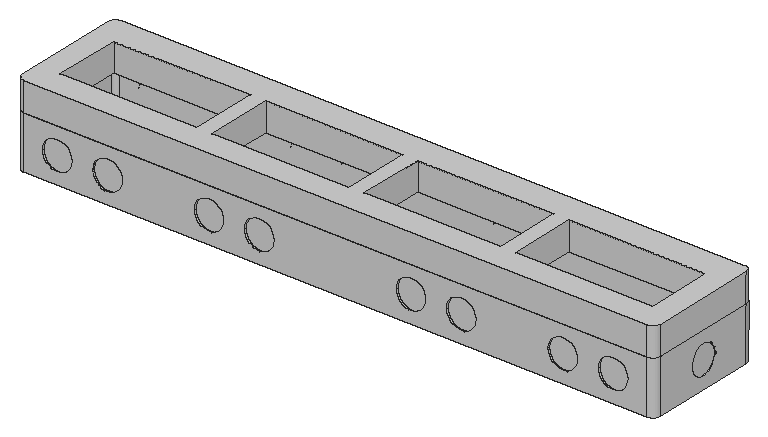
Revit family "Domotics-SerieCivili-GEWISS-27COMBI_SYSTEM-IP40_4P+4P+4P+4P_ORIZ", category Apparecchi elettrici, host Superficie, Revit 2016
Family settings
  Host = Superficie
  Mantenere orientamento annotazione = No
  Tipo di parte = Normale
  Quota connettore circolare = Usa diametro
  Numero OmniClass = 23.80.30.14.24
  Titolo OmniClass = Junction Boxes
  Taglio con vuoti quando caricato = Sì
  Condiviso = No
  Punto di calcolo locali = No
Parameters (values of type "GW27008 - 4x4 posti orizzontali")
  Viti coperchio = "Acciaio resistente alla corrosione"
  Versione file RFA = "19.4"
  URL = "https://www.gewiss.com/it/it"
  Tipo sfondabili = "Asportabili con utensile"
  Termopressione con biglia = "70 °C"
  Temperatura di installazione = "-25 +60 °C"
  Scheda Tecnica = "https://www.gewiss.com/it/it/search?q=GW27008"
  SEO = "Contenitore"
  SCATOLA = GEWISS GRIGIO
  Resistenza agli urti = "IK07"
  Produttore = "GEWISS S.p.A."
  Predisposizione scomparti = "2"
  Offset contenitore [instance] = 0 mm
  Offset bidimensionale [instance] = Offset contenitore + 55 mm  # 55 mm
  Norma di riferimento: = "EN 60670-1"
  N. fori Ã˜ 23 sfondabili: = "Laterali 18 / Sul fondo 4"
  N. fori Ã˜ 23 sfondabili = "18"
  Modello = "GW27008"
  Larghezza scatola = 429 mm
  IFC.TypeObject = ""
  IFC.ExportType = ""
  IFC.ExportAs = ""
  IDT = "c435a9cb-b203-4528-9b1e-390a89cf94f5"
  IDF = "0c45c5e7-1e15-4c8d-8521-8a21acca27ae"
  Grado di protezione = "IP40"
  Glow Wire Test = "650°C"
  Distanza simbolo [instance] = 231.658 mm
  Default Elevation = 1219.2 mm
  Immagine tipo = GW27008.jpg
  Dimensioni BxHxP (mm) = "429x82x55"
  Dim. esterne BxHxP (mm) = "429x82x55"
  Descrizione: = "16 posti"
  Descrizione = "CONTENITORE 16(4X4) POSTI ORIZZ.PROT."
  Creato da GEWISS S.p.A. = ""
  Coppia serraggio viti = "0,8NM"
  Configurazione = "Modulo 4 x 4"
  Colore = "Grigio RAL 7035"
  Codice Electrocod = "0212"
  Codice EAN = "8011564055315"
  Classe isolamento = "II"
  Catalogo Serie = "27COMBI"
  Catalogo = "DOMOTICS"
  Caratteristiche = "Halogen free"
  COBie.Tagnumber = ""
  COBie.CreatedOn = ""
  COBie.CreatebBy = ""
  COBie.ComponentRegisterItemID = ""
  COBie.Component.TagNumber = ""
  COBie.Component.Space = ""
  COBie.Component.SerialNumber = ""
  COBie.Component.InstallationDate = ""
  COBie.Component.Description = ""
  COBie.Component.BarCode = ""
  Bidimensionale = bidimensionale system contenitori IP40 4X4P H : 4P
  Altezza simbolo [instance] = 102.729 mm
Reference planes
  plane 1 "Centro (Fronte/Retro)": y = 0
  plane 2: z = 0
  plane 3 "Centro (Sinistra/Destra)": x = 0
  plane 4: z = 0
  plane 5 "piano bidimensionale": z = 55
  plane 6: y = 41
  plane 7: y = -41
  plane 8: x = -214.5
  plane 9: x = 214.5
Forms (mm)
  Extrusion 1, solid, material "GEWISS GRIGIO" <- "SCATOLA", detail levels coarse
    sketch origin (0, 0, 55) x (0, -1, 0) y (1, 0, 0)
      loop
        arc (-41, -209.5) -> (-39.536, -213.036) -> (-36, -214.5) r 5
        line (-36, -214.5) -> (36, -214.5)
        arc (36, -214.5) -> (39.536, -213.036) -> (41, -209.5) r 5
        line (41, -209.5) -> (41, 209.5)
        arc (41, 209.5) -> (39.536, 213.036) -> (36, 214.5) r 5
        line (36, 214.5) -> (-36, 214.5)
        arc (-36, 214.5) -> (-39.536, 213.036) -> (-41, 209.5) r 5
        line (-41, 209.5) -> (-41, -209.5)
    from -55 to 0
Lines and regions (mm)
  Masking region 1
    outline origin (0, 0, 0) x (1, 0, 0) y (0, 0, 1)
      loop
        line (-214.5, 55) -> (-214.5, 0) -> (214.5, 0) -> (214.5, 55) -> (-214.5, 55)
  Masking region 2
    outline origin (0, 0, 0) x (0, 1, 0) y (0, 0, 1)
      loop
        line (-41, 55) -> (-41, 0) -> (41, 0) -> (41, 55) -> (-41, 55)
  Masking region 3, detail levels medium+fine
    outline origin (0, 0, 0) x (0, 1, 0) y (0, 0, 1)
      loop
        circle (0, 17.984) r 10
  Masking region 4, detail levels medium+fine
    outline origin (0, 0, 0) x (1, 0, 0) y (0, 0, 1)
      loop
        circle (-186.987, 18.054) r 10
      loop
        circle (-153.237, 18.054) r 10
      loop
        circle (-84.634, 18.054) r 10
      loop
        circle (-50.884, 18.054) r 10
      loop
        circle (186.987, 18.054) r 10
      loop
        circle (153.237, 18.054) r 10
      loop
        circle (84.634, 18.054) r 10
      loop
        circle (50.884, 18.054) r 10
Dimensions and locks
  "Offset contenitore": plane 4 to host face
  "Offset bidimensionale": plane 5 "piano bidimensionale" to plane 2
  "Larghezza scatola": plane 8 to plane 9
  equal spacing: plane 8, plane 3 "Centro (Sinistra/Destra)", plane 9
  aligned and locked: plane 2 to host face
  aligned and locked: level to host face
  aligned and locked: Extrusion 1 to plane 4
  aligned and locked: plane 5 "piano bidimensionale" to Extrusion 1
  aligned and locked: plane 4 to Extrusion 1  (x5)
  aligned and locked: Extrusion 1 to plane 6
  aligned and locked: Extrusion 1 to plane 8
  aligned and locked: Extrusion 1 to plane 7
  aligned and locked: plane 3 "Centro (Sinistra/Destra)" to nested 1
  aligned and locked: plane 1 "Centro (Fronte/Retro)" to nested 1
  aligned and locked: Extrusion 1 sketch curve to plane 8
  aligned and locked: plane 5 "piano bidimensionale" to nested 1
  aligned and locked: plane 3 "Centro (Sinistra/Destra)" to nested 2
  aligned and locked: plane 9 to nested 2
  aligned and locked: Extrusion 1 sketch curve to plane 9
  aligned and locked: nested 2 to plane 4
  aligned and locked: plane 4 to Masking region 1 sketch curve
  aligned and locked: plane 8 to Masking region 1 sketch curve
  aligned and locked: Masking region 1 sketch curve to plane 5 "piano bidimensionale"
  aligned and locked: Masking region 1 sketch curve to plane 9
  aligned and locked: Masking region 2 sketch curve to Extrusion 1  (x3)
  aligned and locked: Masking region 2 sketch curve to nested 2
Automatic sketch dimensions
  host sketch curve to host sketch curve = 2438.4 mm  (x2)
  plane 6 to Extrusion 1 sketch curve = 0 mm
  plane 7 to Extrusion 1 sketch curve = 0 mm
  Extrusion 1 sketch curve to plane 6 = 5 mm  (x2)
  plane 7 to Extrusion 1 sketch curve = 5 mm  (x2)
  Masking region 3 sketch curve to plane 1 "Centro (Fronte/Retro)" = 0 mm
  plane 4 to Masking region 3 sketch curve = 17.984 mm
  plane 8 to Masking region 4 sketch curve = 27.513 mm
  Masking region 4 sketch curve to Masking region 4 sketch curve = 33.75 mm  (x3)
  plane 4 to Masking region 4 sketch curve = 18.054 mm  (x8)
  Masking region 4 sketch curve to Masking region 4 sketch curve = 68.604 mm
  plane 3 "Centro (Sinistra/Destra)" to Masking region 4 sketch curve = 50.884 mm
  Masking region 4 sketch curve to plane 9 = 61.263 mm
  Masking region 4 sketch curve to plane 9 = 27.513 mm
  radius of Masking region 3 sketch curve = 10 mm
  radius of Masking region 4 sketch curve = 10 mm  (x8)
Nested families
  nested 1: "bidimensionale system contenitori IP40 4X4P H" at (0, 0, 55), type <- "Bidimensionale", type "4P", detail levels coarse
  nested 2: "SYSTEM CONTENITORI IP40 4X4P H_BASE" at (0, 0, 0), type "GW27008 - 4x4 posti orizzontali"
Connectors
  cabletrayconduit at (-186.83, -41, 18), diameter 20
    settings: on nested 2, index 1, connector width 300 mm, connector height 300 mm, connector angle 0.00°, system type 32, placement type 0, profile type 0, connector reference index -1, is primary connector yes, connector utility param no, connector description ""
  cabletrayconduit at (-153, -41, 18), diameter 20
    settings: on nested 2, index 2, connector width 300 mm, connector height 300 mm, connector angle 0.00°, system type 32, placement type 0, profile type 0, connector reference index -1, is primary connector no, connector utility param no, connector description ""
  cabletrayconduit at (-84.83, -41, 18), diameter 20
    settings: on nested 2, index 3, connector width 300 mm, connector height 300 mm, connector angle 0.00°, system type 32, placement type 0, profile type 0, connector reference index -1, is primary connector no, connector utility param no, connector description ""
  cabletrayconduit at (-51, -41, 18), diameter 20
    settings: on nested 2, index 4, connector width 300 mm, connector height 300 mm, connector angle 0.00°, system type 32, placement type 0, profile type 0, connector reference index -1, is primary connector no, connector utility param no, connector description ""
  cabletrayconduit at (-214.5, 0, 18), diameter 20
    settings: on nested 2, index 5, connector width 300 mm, connector height 300 mm, connector angle 0.00°, system type 32, placement type 0, profile type 0, connector reference index -1, is primary connector no, connector utility param no, connector description ""
  cabletrayconduit at (51, -41, 18), diameter 20
    settings: on nested 2, index 6, connector width 300 mm, connector height 300 mm, connector angle 0.00°, system type 32, placement type 0, profile type 0, connector reference index -1, is primary connector no, connector utility param no, connector description ""
  cabletrayconduit at (84.83, -41, 18), diameter 20
    settings: on nested 2, index 7, connector width 300 mm, connector height 300 mm, connector angle 0.00°, system type 32, placement type 0, profile type 0, connector reference index -1, is primary connector no, connector utility param no, connector description ""
  cabletrayconduit at (153, -41, 18), diameter 20
    settings: on nested 2, index 8, connector width 300 mm, connector height 300 mm, connector angle 0.00°, system type 32, placement type 0, profile type 0, connector reference index -1, is primary connector no, connector utility param no, connector description ""
  cabletrayconduit at (186.83, -41, 18), diameter 20
    settings: on nested 2, index 9, connector width 300 mm, connector height 300 mm, connector angle 0.00°, system type 32, placement type 0, profile type 0, connector reference index -1, is primary connector no, connector utility param no, connector description ""
  cabletrayconduit at (214.5, 0, 18), diameter 20
    settings: on nested 2, index 10, connector width 300 mm, connector height 300 mm, connector angle 0.00°, system type 32, placement type 0, profile type 0, connector reference index -1, is primary connector no, connector utility param no, connector description ""
  cabletrayconduit at (186.83, 41, 18), diameter 20
    settings: on nested 2, index 11, connector width 300 mm, connector height 300 mm, connector angle 0.00°, system type 32, placement type 0, profile type 0, connector reference index -1, is primary connector no, connector utility param no, connector description ""
  cabletrayconduit at (153, 41, 18), diameter 20
    settings: on nested 2, index 12, connector width 300 mm, connector height 300 mm, connector angle 0.00°, system type 32, placement type 0, profile type 0, connector reference index -1, is primary connector no, connector utility param no, connector description ""
  cabletrayconduit at (84.83, 41, 18), diameter 20
    settings: on nested 2, index 13, connector width 300 mm, connector height 300 mm, connector angle 0.00°, system type 32, placement type 0, profile type 0, connector reference index -1, is primary connector no, connector utility param no, connector description ""
  cabletrayconduit at (51, 41, 18), diameter 20
    settings: on nested 2, index 14, connector width 300 mm, connector height 300 mm, connector angle 0.00°, system type 32, placement type 0, profile type 0, connector reference index -1, is primary connector no, connector utility param no, connector description ""
  cabletrayconduit at (-51, 41, 18), diameter 20
    settings: on nested 2, index 15, connector width 300 mm, connector height 300 mm, connector angle 0.00°, system type 32, placement type 0, profile type 0, connector reference index -1, is primary connector no, connector utility param no, connector description ""
  cabletrayconduit at (-84.83, 41, 18), diameter 20
    settings: on nested 2, index 16, connector width 300 mm, connector height 300 mm, connector angle 0.00°, system type 32, placement type 0, profile type 0, connector reference index -1, is primary connector no, connector utility param no, connector description ""
  cabletrayconduit at (-153, 41, 18), diameter 20
    settings: on nested 2, index 17, connector width 300 mm, connector height 300 mm, connector angle 0.00°, system type 32, placement type 0, profile type 0, connector reference index -1, is primary connector no, connector utility param no, connector description ""
  cabletrayconduit at (-186.83, 41, 18), diameter 20
    settings: on nested 2, index 18, connector width 300 mm, connector height 300 mm, connector angle 0.00°, system type 32, placement type 0, profile type 0, connector reference index -1, is primary connector no, connector utility param no, connector description ""
Definition of nested family "SYSTEM CONTENITORI IP40 4X4P H_BASE"
  Parameters (values of type "GW27008 - 4x4 posti orizzontali")
    SCATOLA = none
    PRESA = none
    Profondità scatola = 55 mm  # constant formula
    Larghezza scatola = 429 mm
    Larghezza foro = 92 mm
    Bidimensionale = 70 mm
    Altezza scatola = 82 mm  # constant formula
    Altezza foro = 45 mm
  Reference planes
    plane 1 "Centro (Fronte/Retro)": y = 0
    plane 2: z = 0
    plane 3 "Centro (Sinistra/Destra)": x = 0
    plane 4: y = -41
    plane 5: y = 41
    plane 6: x = -214.5
    plane 7: x = 214.5
    plane 8 "PIANO BIDIMENSIONALE": z = 70
    plane 9: z = 55
    plane 10: y = 21.5
    plane 11: y = -23.5
    plane 12: x = -97
    plane 13: x = 97
    plane 14: x = -107
    plane 15: x = -199
    plane 16: x = 107
    plane 17: x = 199
    plane 18: x = -5
    plane 19: x = 5
  Forms (mm)
    Extrusion 1, solid, material <- "SCATOLA", detail levels medium+fine
      sketch origin (0, 0, 66) x (0, -1, 0) y (1, 0, 0)
        loop
          arc (-41, -209.5) -> (-39.536, -213.036) -> (-36, -214.5) r 5
          line (-36, -214.5) -> (36, -214.5)
          arc (36, -214.5) -> (39.536, -213.036) -> (41, -209.5) r 5
          line (41, -209.5) -> (41, 209.5)
          arc (41, 209.5) -> (39.536, 213.036) -> (36, 214.5) r 5
          line (36, 214.5) -> (-36, 214.5)
          arc (-36, 214.5) -> (-39.536, 213.036) -> (-41, 209.5) r 5
          line (-41, 209.5) -> (-41, -209.5)
        loop
          line (36, 212.5) -> (-36, 212.5)
          arc (-36, 212.5) -> (-38.121, 211.621) -> (-39, 209.5) r 3
          line (-39, 209.5) -> (-39, -209.5)
          arc (-39, -209.5) -> (-38.121, -211.621) -> (-36, -212.5) r 3
          line (-36, -212.5) -> (36, -212.5)
          arc (36, -212.5) -> (38.121, -211.621) -> (39, -209.5) r 3
          line (39, -209.5) -> (39, 209.5)
          arc (39, 209.5) -> (38.121, 211.621) -> (36, 212.5) r 3
      from -66 to -30
    Extrusion 2, void, detail levels medium+fine
      sketch origin (0, 0, 0) x (0, 1, 0) y (0, 0, 1)
        loop
          circle (0, 18) r 10
      from 213.411 to 214.5
    Extrusion 3, void, detail levels medium+fine
      sketch origin (0, 25.408, 0) x (1, 0, 0) y (0, 0, -1)
        loop
          circle (-186.83, -18) r 10
        loop
          circle (-153, -18) r 10
        loop
          circle (153, -18) r 10
        loop
          circle (186.83, -18) r 10
        loop
          circle (-84.83, -18) r 10
        loop
          circle (-51, -18) r 10
        loop
          circle (84.83, -18) r 10
        loop
          circle (51, -18) r 10
      from 14.491 to 15.592
    Extrusion 4, void, detail levels medium+fine
      sketch origin (-81, 0, 0) x (0, 1, 0) y (0, 0, 1)
        loop
          circle (0, 18) r 10
      from -133.5 to -132.396
    Extrusion 5, void
      sketch origin (0, 0, 0) x (1, 0, 0) y (0, 0, 1)
        loop
          circle (153, 18) r 10
        loop
          circle (186.83, 18) r 10
        loop
          circle (-153, 18) r 10
        loop
          circle (-186.83, 18) r 10
        loop
          circle (-51, 18) r 10
        loop
          circle (-84.83, 18) r 10
        loop
          circle (51, 18) r 10
        loop
          circle (84.83, 18) r 10
      from 40.113 to 41
    Extrusion 6, solid, material <- "SCATOLA", detail levels medium+fine
      sketch origin (0, 0, 0) x (1, 0, 0) y (0, 1, 0)
        loop
          line (-212.5, 36) -> (-212.5, -36)
          arc (-212.5, -36) -> (-211.621, -38.121) -> (-209.5, -39) r 3
          line (-209.5, -39) -> (209.5, -39)
          arc (209.5, -39) -> (211.621, -38.121) -> (212.5, -36) r 3
          line (212.5, -36) -> (212.5, 36)
          arc (212.5, 36) -> (211.621, 38.121) -> (209.5, 39) r 3
          line (209.5, 39) -> (-209.5, 39)
          arc (-209.5, 39) -> (-211.621, 38.121) -> (-212.5, 36) r 3
      from 0 to 2
    Extrusion 7, solid, material <- "SCATOLA", detail levels medium+fine
      sketch origin (0, 0, 70) x (-1, 0, 0) y (0, -1, 0)
        loop
          line (214.5, -36) -> (214.5, 36)
          arc (214.5, 36) -> (213.036, 39.536) -> (209.5, 41) r 5
          line (209.5, 41) -> (-209.5, 41)
          arc (-209.5, 41) -> (-213.036, 39.536) -> (-214.5, 36) r 5
          line (-214.5, 36) -> (-214.5, -36)
          arc (-214.5, -36) -> (-213.036, -39.536) -> (-209.5, -41) r 5
          line (-209.5, -41) -> (209.5, -41)
          arc (209.5, -41) -> (213.036, -39.536) -> (214.5, -36) r 5
        loop
          line (199, 23.5) -> (107, 23.5) -> (107, -21.5) -> (199, -21.5) -> (199, 23.5)
        loop
          line (-199, -21.5) -> (-107, -21.5) -> (-107, 23.5) -> (-199, 23.5) -> (-199, -21.5)
        loop
          line (97, 23.5) -> (5, 23.5) -> (5, -21.5) -> (97, -21.5) -> (97, 23.5)
        loop
          line (-5, -21.5) -> (-5, 23.5) -> (-97, 23.5) -> (-97, -21.5) -> (-5, -21.5)
      from -34 to -15
  Cuts and joins
    Extrusion 2, Extrusion 3, Extrusion 4, Extrusion 5 cuts Extrusion 1
  Lines and regions (mm)
    Masking region 1
      outline origin (0, 0, 70) x (-1, 0, 0) y (0, -1, 0)
        loop
          line (-209.5, -41) -> (209.5, -41)
          arc (209.5, -41) -> (213.036, -39.536) -> (214.5, -36) r 5
          line (214.5, -36) -> (214.5, 36)
          arc (214.5, 36) -> (213.036, 39.536) -> (209.5, 41) r 5
          line (209.5, 41) -> (-209.5, 41)
          arc (-209.5, 41) -> (-213.036, 39.536) -> (-214.5, 36) r 5
          line (-214.5, 36) -> (-214.5, -36)
          arc (-214.5, -36) -> (-213.036, -39.536) -> (-209.5, -41) r 5
        loop
          circle (-209.5, 36) r 2
        loop
          circle (-209.5, -36) r 2
        loop
          circle (209.5, -36) r 2
        loop
          circle (209.5, 36) r 2
        loop
          line (97, 23.5) -> (5, 23.5) -> (5, -21.5) -> (97, -21.5) -> (97, 23.5)
        loop
          line (-107, 23.5) -> (-199, 23.5) -> (-199, -21.5) -> (-107, -21.5) -> (-107, 23.5)
        loop
          line (107, -21.5) -> (199, -21.5) -> (199, 23.5) -> (107, 23.5) -> (107, -21.5)
        loop
          line (-5, -21.5) -> (-5, 23.5) -> (-97, 23.5) -> (-97, -21.5) -> (-5, -21.5)
    Masking region 2
      outline origin (0, 0, 70) x (-1, 0, 0) y (0, -1, 0)
        loop
          circle (209.5, -36) r 2
        loop
          circle (209.5, 36) r 2
        loop
          circle (-209.5, 36) r 2
        loop
          circle (-209.5, -36) r 2
        loop
          line (199, -21.5) -> (199, 23.5) -> (107, 23.5) -> (107, -21.5) -> (199, -21.5)
        loop
          line (97, -21.5) -> (97, 23.5) -> (5, 23.5) -> (5, -21.5) -> (97, -21.5)
        loop
          line (-107, -21.5) -> (-107, 23.5) -> (-199, 23.5) -> (-199, -21.5) -> (-107, -21.5)
        loop
          line (-5, -21.5) -> (-5, 23.5) -> (-97, 23.5) -> (-97, -21.5) -> (-5, -21.5)
  Dimensions and locks
    equal spacing: plane 4, plane 1 "Centro (Fronte/Retro)", plane 5
    plane 4 to plane 5 = 82 mm
    equal spacing: plane 6, plane 3 "Centro (Sinistra/Destra)", plane 7
    "Larghezza scatola": plane 6 to plane 7
    equal spacing: plane 5, plane 1 "Centro (Fronte/Retro)", plane 4
    "Altezza scatola": plane 5 to plane 4
    "Bidimensionale": plane 8 "PIANO BIDIMENSIONALE" to level
    "Profondità scatola": plane 9 to plane 2
    "Altezza foro": plane 10 to plane 11
    locked: cut or joined group of Extrusion 1, Extrusion 2, Extrusion 3, Extrusion 4, Extrusion 5 to Extrusion 7 at 1.089
    locked: Extrusion 7 to cut or joined group of Extrusion 1, Extrusion 2, Extrusion 3, Extrusion 4, Extrusion 5 at 1.104
    equal spacing: plane 12, plane 3 "Centro (Sinistra/Destra)", plane 13
    "Larghezza foro": plane 15 to plane 14
    "Larghezza foro": plane 16 to plane 17
    equal spacing: plane 14, plane 3 "Centro (Sinistra/Destra)", plane 16
    locked: plane 14 to plane 12 at 10
    "Larghezza foro": plane 12 to plane 18
    "Larghezza foro": plane 19 to plane 13
    aligned and locked: level to plane 2
    aligned and locked: plane 7 to Extrusion 2
    aligned and locked: plane 5 to Extrusion 3
    aligned and locked: Extrusion 5 to plane 4
    aligned and locked: Extrusion 6 to cut or joined group of Extrusion 1, Extrusion 2, Extrusion 3, Extrusion 4, Extrusion 5  (x4)
    aligned and locked: Extrusion 4 to plane 6
    aligned and locked: cut or joined group of Extrusion 1, Extrusion 2, Extrusion 3, Extrusion 4, Extrusion 5 to plane 2
    aligned and locked: Extrusion 1 to level
    aligned and locked: Extrusion 7 sketch curve to cut or joined group of Extrusion 1, Extrusion 2, Extrusion 3, Extrusion 4, Extrusion 5  (x4)
    aligned and locked: Extrusion 7 to cut or joined group of Extrusion 1, Extrusion 2, Extrusion 3, Extrusion 4, Extrusion 5
    aligned and locked: Extrusion 7 to plane 9
    aligned and locked: Masking region 1 sketch curve to Extrusion 7  (x4)
    aligned and locked: Masking region 1 to plane 6
    aligned and locked: plane 7 to Masking region 1
    aligned and locked: Masking region 1 sketch curve to plane 11  (x3)
    aligned and locked: Masking region 1 sketch curve to plane 12
    aligned and locked: plane 10 to Masking region 1 sketch curve
    aligned and locked: plane 16 to Masking region 1 sketch curve
    aligned and locked: Masking region 1 sketch curve to plane 10
    aligned and locked: Masking region 1 sketch curve to plane 17
    aligned and locked: Masking region 1 sketch curve to plane 15
    aligned and locked: Masking region 2 sketch curve to plane 10  (x4)
    aligned and locked: Masking region 2 sketch curve to plane 14
    aligned and locked: plane 12 to Masking region 2 sketch curve
    aligned and locked: plane 15 to Masking region 2 sketch curve
    aligned and locked: Masking region 2 sketch curve to plane 16
    aligned and locked: plane 17 to Masking region 2 sketch curve
    aligned and locked: Masking region 2 sketch curve to plane 11
    aligned and locked: plane 11 to Masking region 2 sketch curve  (x2)
    aligned and locked: plane 14 to Masking region 1 sketch curve
    aligned and locked: plane 16 to Extrusion 7 sketch curve
    aligned and locked: Extrusion 7 sketch curve to plane 17
    aligned and locked: plane 14 to Extrusion 7 sketch curve
    aligned and locked: Extrusion 7 sketch curve to plane 15
    aligned and locked: plane 10 to Extrusion 7 sketch curve  (x2)
    aligned and locked: Extrusion 7 sketch curve to plane 10  (x2)
    aligned and locked: Extrusion 7 sketch curve to plane 11  (x3)
    aligned and locked: plane 18 to Masking region 2 sketch curve
    aligned and locked: Masking region 2 sketch curve to plane 19
    aligned and locked: Masking region 1 sketch curve to plane 18
    aligned and locked: plane 11 to Extrusion 7 sketch curve
    aligned and locked: Extrusion 7 sketch curve to plane 18
    aligned and locked: Extrusion 7 sketch curve to plane 19
    aligned and locked: Extrusion 7 sketch curve to plane 13
    aligned and locked: Extrusion 7 sketch curve to plane 12
  Automatic sketch dimensions
    Extrusion 1 sketch curve to plane 5 = 0 mm
    Extrusion 1 sketch curve to plane 6 = 0 mm
    Extrusion 1 sketch curve to plane 7 = 0 mm
    Extrusion 1 sketch curve to plane 4 = 0 mm
    Extrusion 1 sketch curve to Extrusion 1 sketch curve = 5 mm  (x2)
    plane 4 to Extrusion 1 sketch curve = 5 mm  (x2)
    Extrusion 2 sketch curve to plane 1 "Centro (Fronte/Retro)" = 0 mm
    level to Extrusion 2 sketch curve = 18 mm
    Extrusion 4 sketch curve to plane 1 "Centro (Fronte/Retro)" = 0 mm
    level to Extrusion 4 sketch curve = 18 mm
    Extrusion 1 sketch curve to Extrusion 1 sketch curve = 0 mm  (x7)
    Extrusion 1 sketch curve to Extrusion 1 sketch curve = 2 mm
    plane 6 to Extrusion 6 sketch curve = 2 mm
    plane 4 to Extrusion 6 sketch curve = 2 mm
    Extrusion 6 sketch curve to Extrusion 6 sketch curve = 3 mm  (x2)
    Extrusion 6 sketch curve to plane 7 = 5 mm  (x2)
    Extrusion 6 sketch curve to plane 7 = 2 mm
    Extrusion 6 sketch curve to plane 5 = 5 mm
    Masking region 2 sketch curve to plane 7 = 5 mm  (x2)
    plane 6 to Masking region 2 sketch curve = 5 mm  (x2)
    Masking region 2 sketch curve to plane 5 = 5 mm  (x2)
    plane 4 to Masking region 2 sketch curve = 5 mm  (x2)
    Masking region 2 sketch curve to Masking region 2 sketch curve = 2 mm  (x4)
    Masking region 1 sketch curve to Masking region 1 sketch curve = 0 mm  (x8)
    Masking region 1 sketch curve to plane 10 = 0 mm  (x2)
    Masking region 1 sketch curve to Masking region 1 sketch curve = 5 mm
    plane 4 to Masking region 1 sketch curve = 5 mm
    plane 6 to Masking region 1 sketch curve = 5 mm  (x2)
    Masking region 1 sketch curve to plane 11 = 0 mm
    Masking region 1 sketch curve to plane 19 = 0 mm
    Extrusion 7 sketch curve to plane 7 = 5 mm  (x2)
    plane 4 to Extrusion 7 sketch curve = 5 mm
    Extrusion 7 sketch curve to Extrusion 7 sketch curve = 5 mm
    Masking region 1 sketch curve to plane 13 = 0 mm
    Masking region 2 sketch curve to plane 13 = 0 mm
    Masking region 2 sketch curve to plane 11 = 0 mm
    Extrusion 5 sketch curve to Extrusion 5 sketch curve = 0 mm  (x16)
    plane 15 to Extrusion 5 sketch curve = 12.17 mm
    Extrusion 5 sketch curve to Extrusion 5 sketch curve = 33.83 mm  (x2)
    plane 12 to Extrusion 5 sketch curve = 12.17 mm
    level to Extrusion 5 sketch curve = 18 mm  (x8)
    Extrusion 5 sketch curve to plane 13 = 46 mm
    Extrusion 5 sketch curve to plane 13 = 12.17 mm
    Extrusion 5 sketch curve to plane 16 = 46 mm
    plane 17 to Extrusion 5 sketch curve = 12.17 mm
    plane 15 to Extrusion 5 sketch curve = 2.17 mm
    Extrusion 5 sketch curve to Extrusion 5 sketch curve = 10 mm  (x6)
    plane 12 to Extrusion 5 sketch curve = 2.17 mm
    Extrusion 3 sketch curve to Extrusion 3 sketch curve = 0 mm  (x16)
    plane 15 to Extrusion 3 sketch curve = 12.17 mm
    Extrusion 3 sketch curve to Extrusion 3 sketch curve = 33.83 mm  (x2)
    plane 12 to Extrusion 3 sketch curve = 12.17 mm
    level to Extrusion 3 sketch curve = 18 mm  (x8)
    Extrusion 3 sketch curve to plane 13 = 46 mm
    Extrusion 3 sketch curve to plane 13 = 12.17 mm
    Extrusion 3 sketch curve to plane 16 = 46 mm
    plane 17 to Extrusion 3 sketch curve = 12.17 mm
    plane 15 to Extrusion 3 sketch curve = 2.17 mm
    Extrusion 3 sketch curve to Extrusion 3 sketch curve = 10 mm  (x6)
    plane 12 to Extrusion 3 sketch curve = 2.17 mm
    radius of Extrusion 2 sketch curve = 10 mm
    radius of Extrusion 4 sketch curve = 10 mm
    radius of Masking region 1 sketch curve = 2 mm  (x4)
Definition of nested family "bidimensionale system contenitori IP40 4X4P H"
  Parameters (values of type "4P")
    Larghezza scatola = 429 mm
    Larghezza foro = 92 mm
    Altezza scatola = 82 mm
    Altezza foro = 45 mm  # constant formula
  Reference planes
    plane 1 "Centro (Fronte/Retro)": y = 0
    plane 2: z = 0
    plane 3 "Centro (Sinistra/Destra)": x = 0
    plane 4: x = -214.5
    plane 5: x = 214.5
    plane 6: y = 41
    plane 7: y = -41
    plane 8: y = 21.5
    plane 9: y = -23.5
    plane 10: x = -199
    plane 11: x = -107
    plane 12: x = -97
    plane 13: x = -5
    plane 14: x = 5
    plane 15: x = 97
    plane 16: x = 199
    plane 17: x = 107
  Lines and regions (mm)
    model lines
      curve 1: line (-214.5, -36, 0) -> (-214.5, 36, 0)
      curve 2: arc (-214.5, 36, 0) -> (-213.036, 39.536, 0) -> (-209.5, 41, 0) r 5
      curve 3: line (-209.5, 41, 0) -> (209.5, 41, 0)
      curve 4: arc (209.5, 41, 0) -> (213.036, 39.536, 0) -> (214.5, 36, 0) r 5
      curve 5: line (214.5, 36, 0) -> (214.5, -36, 0)
      curve 6: arc (214.5, -36, 0) -> (213.036, -39.536, 0) -> (209.5, -41, 0) r 5
      curve 7: line (209.5, -41, 0) -> (-209.5, -41, 0)
      curve 8: arc (-209.5, -41, 0) -> (-213.036, -39.536, 0) -> (-214.5, -36, 0) r 5
      curve 9: circle (-209.5, 36, 0) r 2 normal (0, 0, 1)
      curve 10: circle (209.5, 36, 0) r 2 normal (0, 0, 1)
      curve 11: circle (209.5, -36, 0) r 2 normal (0, 0, 1)
      curve 12: circle (-209.5, -36, 0) r 2 normal (0, 0, 1)
      curve 13: line (-199, -23.5, 0) -> (-107, -23.5, 0)
      curve 14: line (-199, 22.5, 0) -> (-199, -23.5, 0)
      curve 15: line (-107, 21.5, 0) -> (-199, 21.5, 0)
      curve 16: line (-107, -23.5, 0) -> (-107, 22.5, 0)
      curve 17: line (-97, -23.5, 0) -> (-5, -23.5, 0)
      curve 18: line (-97, 22.5, 0) -> (-97, -23.5, 0)
      curve 19: line (-5, 21.5, 0) -> (-97, 21.5, 0)
      curve 20: line (-5, -23.5, 0) -> (-5, 22.5, 0)
      curve 21: arc (-197, 24.5, 0) -> (-198.414, 23.914, 0) -> (-199, 22.5, 0) r 2
      curve 22: line (-197, 24.5, 0) -> (-109, 24.5, 0)
      curve 23: arc (-107, 22.5, 0) -> (-107.586, 23.914, 0) -> (-109, 24.5, 0) r 2
      curve 24: arc (-95, 24.5, 0) -> (-96.414, 23.914, 0) -> (-97, 22.5, 0) r 2
      curve 25: line (-7, 24.5, 0) -> (-95, 24.5, 0)
      curve 26: arc (-5, 22.5, 0) -> (-5.586, 23.914, 0) -> (-7, 24.5, 0) r 2
      curve 27: line (97, -23.5, 0) -> (5, -23.5, 0)
      curve 28: line (97, 22.5, 0) -> (97, -23.5, 0)
      curve 29: line (5, 21.5, 0) -> (97, 21.5, 0)
      curve 30: line (5, -23.5, 0) -> (5, 22.5, 0)
      curve 31: arc (95, 24.5, 0) -> (96.414, 23.914, 0) -> (97, 22.5, 0) r 2
      curve 32: line (95, 24.5, 0) -> (7, 24.5, 0)
      curve 33: arc (5, 22.5, 0) -> (5.586, 23.914, 0) -> (7, 24.5, 0) r 2
      curve 34: line (199, -23.5, 0) -> (107, -23.5, 0)
      curve 35: line (199, 22.5, 0) -> (199, -23.5, 0)
      curve 36: line (107, 21.5, 0) -> (199, 21.5, 0)
      curve 37: line (107, -23.5, 0) -> (107, 22.5, 0)
      curve 38: arc (197, 24.5, 0) -> (198.414, 23.914, 0) -> (199, 22.5, 0) r 2
      curve 39: line (197, 24.5, 0) -> (109, 24.5, 0)
      curve 40: arc (107, 22.5, 0) -> (107.586, 23.914, 0) -> (109, 24.5, 0) r 2
  Dimensions and locks
    equal spacing: plane 6, plane 1 "Centro (Fronte/Retro)", plane 7
    equal spacing: plane 4, plane 3 "Centro (Sinistra/Destra)", plane 5
    "Altezza scatola": plane 6 to plane 7
    "Larghezza scatola": plane 4 to plane 5
    "Altezza foro": plane 9 to plane 8
    "Larghezza foro": plane 10 to plane 11
    "Larghezza foro": plane 12 to plane 13
    "Larghezza foro": plane 14 to plane 15
    "Larghezza foro": plane 16 to plane 17
    aligned and locked: level to plane 2
    aligned and locked: curve 13 to plane 9
    aligned and locked: curve 15 to plane 8
    aligned and locked: plane 9 to curve 17
    aligned and locked: curve 19 to plane 8
    aligned and locked: plane 10 to curve 14
    aligned and locked: curve 16 to plane 11
    aligned and locked: plane 12 to curve 18
    aligned and locked: curve 20 to plane 13
    aligned and locked: curve 30 to plane 14
    aligned and locked: plane 15 to curve 28
    aligned and locked: curve 35 to plane 16
    aligned and locked: plane 17 to curve 37
    aligned and locked: curve 34 to plane 9
    aligned and locked: plane 8 to curve 36
  Automatic sketch dimensions
    curve 2 to curve 9 = 0 mm  (x2)
    curve 4 to curve 10 = 0 mm  (x2)
    curve 6 to curve 11 = 0 mm  (x2)
    curve 8 to curve 12 = 0 mm  (x2)
    curve 1 to plane 4 = 0 mm
    curve 3 to plane 6 = 0 mm
    curve 8 to plane 7 = 0 mm
    curve 5 to plane 5 = 0 mm
    plane 9 to curve 27 = 0 mm
    plane 8 to curve 29 = 0 mm
    plane 4 to curve 3 = 5 mm
    curve 1 to curve 8 = 5 mm
    curve 22 to plane 10 = 2 mm
    plane 11 to curve 22 = 2 mm
    curve 25 to plane 12 = 2 mm
    curve 26 to plane 8 = 1 mm
    curve 26 to curve 20 = 2 mm
    curve 32 to plane 14 = 2 mm
    plane 15 to curve 32 = 2 mm
    plane 17 to curve 39 = 2 mm
    curve 38 to plane 8 = 1 mm
    curve 38 to plane 16 = 2 mm
    curve 7 to plane 5 = 5 mm
    curve 10 to curve 4 = 5 mm
    curve 16 to plane 8 = 1 mm
    curve 33 to plane 8 = 1 mm
    radius of curve 9 = 2 mm
    radius of curve 10 = 2 mm
    radius of curve 11 = 2 mm
    radius of curve 12 = 2 mm
